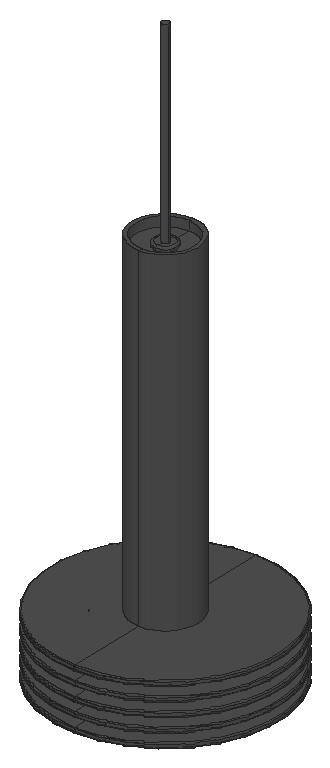
Revit family "Lighting_Pendants_Zero_Sprinkle", category Lighting Fixtures, Revit 2020
Family settings
  Round Connector Dimension = Use Diameter
  Part Type = Normal
  OmniClass Number = 23.80.70.00
  OmniClass Title = Lighting
  Work Plane-Based = No
  Always vertical = Yes
  Cut with Voids When Loaded = No
  Light Source = Yes
  Shared = No
  Room Calculation Point = No
Parameters (values of type "Sprinkle - Black 4,9W/GU10/355LM")
  Wattage = 7.97036 W
  WarrantyStartDate [instance] = "n/a"
  WarrantyGuarantorParts = "n/a"
  WarrantyGuarantorLabor = "n/a"
  WarrantyDurationUnit = "n/a"
  WarrantyDurationParts = "n/a"
  WarrantyDurationLabor = "n/a"
  WarrantyDescription = "n/a"
  built-in parameter 1150110 = 1 (stored number, unit not read)
  VersionDate = "31/08/2023"  # constant formula
  Version = "2"  # constant formula
  Uniclass2015Reference = "Pr_70_70_48_46"
  Uniclass2015Description = "Light-emitting diode (LED) luminaires"
  Uniclass2 = "Pr_70_70_49_43"
  URL = "https://www.zerolighting.com/pendants#/sprinkle-inompe"
  TotalWattage = 4.9 W
  built-in parameter 1114217 = 1 (stored number, unit not read)
  Tilt Angle = 90.00°
  built-in parameter 1150109 = 1 (stored number, unit not read)
  built-in parameter 1150134 = (empty or 0)
  TagNumber [instance] = "n/a"
  SustainabilityPerformance = "n/a"
  built-in parameter 1150113 = 1 (stored number, unit not read)
  Size = "120x120x540 mm"
  Shape = "Sculptured"
  SerialNumber [instance] = "n/a"
  Revision = "1"  # constant formula
  ReplacementCost = "n/a"
  ProductInformation = "n/a"
  ProductDatasheet = "https://www.zerolighting.com/s/Sprinkle-pendel-6333.pdf"
  Photometric Web File = "Sprinkle-123001-4,9W.IES"
  NumberOfSources = 0
  NumberOfPoles = 1
  NominalWidth = 120 mm
  NominalVoltageCalc = 230 V
  NominalVoltage = 230 V
  NominalLength = 120 mm
  NominalHeight = 540 mm
  NominalFrequencyRange = 50 Hz
  Name = "Zero_Sprinkle"
  NBSReference = "90-60-50/405"
  NBSDescription = "General purpose luminaires"
  ModelReference = "n/a"
  ModelNumber = "12300106"
  Model = "Sprinkle Pendant"
  Material = "Aluminium&Steel"
  ManufacturersSpecificInformation = "n/a"
  ManufacturerURL = "https://www.zerolighting.com/"
  ManufacturerName = "Zero"
  Manufacturer = "Zero"
  Lumens = 355 lm
  built-in parameter 1150115 = 1 (stored number, unit not read)
  built-in parameter 1150105 = 497.57 (stored number, unit not read)
  LightFixturePlacingType = "Ceilling"
  LightFixtureMountingType = "Suspended"
  LightFixtureMainMaterial = Black RAL 9005
  built-in parameter 1150137 = (empty or 0)
  built-in parameter 1150139 = (empty or 0)
  LensMaterial = Mat Acrylic
  built-in parameter 1150112 = 1 (stored number, unit not read)
  built-in parameter 1150114 = 1 (stored number, unit not read)
  InsulationStandardClass = "n/a"
  InstallationDate [instance] = "n/a"
  built-in parameter 1150132 = 2
  built-in parameter 1150102 = (empty or 0)
  built-in parameter 1150138 = (empty or 0)
  built-in parameter 1150107 = 3000 (stored number, unit not read)
  built-in parameter 1150106 = 4.9757 (stored number, unit not read)
  IfcExportType = "NOTDEFINED"  # constant formula
  IfcExportAs = "IfcLightFixtureType"  # constant formula
  IP_Code = "IP 20"
  HasProtectiveEarth = no
  Grade = "n/a"
  Finish = "Aluminum and steel. Painted oysterwhite RAL 1013, black RAL 9005, blue RAL 2806035, red RAL 1013, ochre yellow RAL 1024, brown RAL 070420.\r\nOther colours on request. Textile cord in matching colour."
  Features = "LED info: Including dimmable Led lightsource 4,9W,6,2W/GU10 CRI 90."  # constant formula
  ExpectedLife = "n/a"
  built-in parameter 1150129 = 120 mm
  Emit Shape Visible in Rendering = no
  ElectricalDeviceNominalPower = 4.9
  built-in parameter 1150104 = 4.1379 (stored number, unit not read)
  DurationUnit = "Hours"
  Dimming Lamp Color Temperature Shift = <None>
  Designer = "Note Design Studio 2022"
  DefaultElevation = 0 mm
  Default Elevation = 0 mm
  Constituents = "n/a"
  Color Filter = 16777215
  Color = "Various"
  Collection = "Sprinkle"
  CodePerformance = "n/a"
  Category = "Luminaires"
  CableLengthControl [instance] = if(CableLength < 100 mm, 100 mm, if(CableLength > 2500 mm, 2500 mm, CableLength))  # 100 mm
  CableLength [instance] = 100 mm
  Brand = "Zero"
  Barcode [instance] = "n/a"
  built-in parameter 1114218 = 1 (stored number, unit not read)
  BIMObjectName = "Lighting_Pendants_Zero_Sprinkle"  # constant formula
  Author = "BIMStone"  # constant formula
  Emit from Circle Diameter = 3048 mm
  AssetType = "Fixed"
  AssetIdentifier [instance] = "n/a"
  Article Number = ModelNumber  # "12300106"
  AccessibilityPerformance = "n/a"
Types (7, lengths in mm): name | ModelNumber | LightFixtureMainMaterial | Article Number
  (no name) | "12300106" | Black RAL 9005 | "12300106"
  Sprinkle - Oyster white Max 7W/GU10 | "12300109" | Oyster white RAL 1013 | "12300109"
  Sprinkle - Black 4,9W/GU10/355LM | "12300106" | Black RAL 9005 | "12300106"
  Sprinkle - Red 4,9W/GU10/355LM | "12300107" | Red RAL 3000 | "12300107"
  Sprinkle - Blue 4,9W/GU10/355LM | "12300108" | Blue RAL 2806035 | "12300108"
  Sprinkle - Brown 4,9W/GU10/355LM | "12300145" | Brown RAL 070420 | "12300145"
  Sprinkle - Ochre yellow 4,9W/GU10/355LM | "12300155" | Ochre yellow RAL 1024 | "12300155"
Reference planes
  plane 1 "Light Source Axis (F/B)": y = 0
  plane 2: z = 0
  plane 3 "Light Source Axis (L/R)": x = 0
  plane 4 "Light Source Elevation": z = 0
  plane 5: x = -60
  plane 6: x = 60
  plane 7: y = 60
  plane 8: y = -60
  plane 9: z = 209.4
Dimensions and locks
  equal spacing: plane 5, plane 3 "Light Source Axis (L/R)", plane 6
  "NominalWidth": plane 5 to plane 6
  equal spacing: plane 7, plane 1 "Light Source Axis (F/B)", plane 8
  "NominalLength": plane 7 to plane 8
  aligned and locked: plane 3 "Light Source Axis (L/R)" to imposter light
  aligned and locked: plane 1 "Light Source Axis (F/B)" to imposter light
  aligned and locked: plane 4 "Light Source Elevation" to imposter light
  aligned and locked: level to plane 2
  aligned and locked: plane 3 "Light Source Axis (L/R)" to nested 1
Nested families
  nested 1: "Sprinkle" at (0, 0, 0), Body <- "LightFixtureMainMaterial", Glass <- "LensMaterial", CableLenghtControl <- "CableLengthControl", Cable <- "LightFixtureMainMaterial", type "Sprinkle"
    with Glass Mat Acrylic, CableLenghtControl 100 mm, Cable Black RAL 9005, Body Black RAL 9005
Connectors
  electrical at (0, 0, 209.4), driven by "NominalVoltage"
    settings: on plane 9, index 1, voltage 230 V, apparent load 0 VA, apparent load phase1 0 VA, apparent load phase2 0 VA, apparent load phase3 0 VA, power factor 1, load classification "Other", number of poles 1, system type 31, power factor state 1, is connector primary yes, connector utility no, sub classification motor no, connector description ""
Definition of nested family "Sprinkle"
  Parameters (values of type "Sprinkle")
    Glass [instance] = none
    Default Elevation = 0 mm
    CableLenghtControl [instance] = 250 mm
    Cable [instance] = none
    Body [instance] = none
  Reference planes
    plane 1 "Center (Front/Back)": y = 0
    plane 2: z = 0
    plane 3 "Center (Left/Right)": x = 0
    plane 4: y = 60
    plane 5: y = -60
    plane 6: x = -60
    plane 7: x = 60
    plane 8: z = 209.4
  Forms (mm)
    Extrusion 1, solid, material <- "Body", detail levels coarse
      sketch origin (0, 0, 0) x (1, 0, 0) y (0, 1, 0)
        loop
          line (-60, 60) -> (-60, -60) -> (60, -60) -> (60, 60) -> (-60, 60)
      from 0 to 209.4
    Extrusion 2, solid, material <- "Cable"
      sketch origin (-351, -1524, 209.4) x (-1, 0, 0) y (0, -1, 0)
        loop
          circle (-351, -1524) r 2
      from -5 to 250 <- "CableLenghtControl"
    Revolve 3, solid, material <- "Glass", detail levels medium+fine
      sketch origin (0, 0, 0) x (0, 1, 0) y (0, 0, 1)
        loop
          line (32.624, 2.5) -> (32.624, 29.4) -> (31.824, 29.4) -> (31.824, 2.5) -> (32.624, 2.5)
        axis (0, 29.4) -> (0, 2.5)
      angle from 0 to 360
    Revolve 4, solid, material <- "Body", detail levels medium+fine
      sketch origin (0, 0, 0) x (0, 1, 0) y (0, 0, 1)
        loop
          line (5, 206.4) -> (0, 206.4) -> (0, 200.4) -> (5, 200.4) -> (5, 204.4) -> (6, 204.4) -> (6, 205.4)
          arc (6, 205.4) -> (5.707, 206.107) -> (5, 206.4) r 1
        axis (0, 200.4) -> (0, 206.4)
      angle from 0 to 360
    Revolve 5, solid, material <- "Body", detail levels medium+fine
      sketch origin (0, 0, 0) x (0, 1, 0) y (0, 0, 1)
        loop
          line (17.5, 209.4) -> (15.5, 209.4) -> (15.5, 204.4) -> (0, 204.4) -> (0, 202.9) -> (15.981, 202.9) -> (15.981, 31.9) -> (17.5, 31.9) -> (17.5, 209.4)
        axis (0, 31.9) -> (0, 209.4)
      angle from 0 to 360
    Revolve 6, solid, material <- "Glass", detail levels medium+fine
      sketch origin (0, 0, 0) x (0, 1, 0) y (0, 0, 1)
        loop
          line (25, 8.439) -> (25, 9.439)
          arc (25, 9.439) -> (24.854, 9.792) -> (24.5, 9.939) r 0.5
          line (24.5, 9.939) -> (23, 9.939) -> (21.487, 18.727)
          arc (21.487, 18.727) -> (17.676, 26.914) -> (12, 33.939) r 37.133
          line (12, 33.939) -> (10, 53.939) -> (2.5, 53.939) -> (2.5, 59.939) -> (0, 59.939) -> (0, 7.939) -> (24.5, 7.939)
          arc (24.5, 7.939) -> (24.854, 8.085) -> (25, 8.439) r 0.5
        axis (0, 59.939) -> (0, 7.939)
      angle from 0 to 360
    Extrusion 7, solid, material <- "Body", detail levels medium+fine
      sketch origin (0, 0, 0) x (1, 0, 0) y (0, 1, 0)
        loop
          circle (-34.5, 0) r 2.75
        loop
          circle (17.25, 29.878) r 2.75
        loop
          circle (17.25, -29.878) r 2.75
      from 2.5 to 29.4
    Revolve 8, solid, material <- "Body", detail levels medium+fine
      sketch origin (0, 0, 0) x (0, 1, 0) y (0, 0, 1)
        loop
          arc (60, 2) -> (59.854, 2.354) -> (59.5, 2.5) r 0.5
          line (59.5, 2.5) -> (27, 2.5) -> (27, 0) -> (59.5, 0)
          arc (59.5, 0) -> (59.854, 0.146) -> (60, 0.5) r 0.5
          line (60, 0.5) -> (60, 2)
        loop
          arc (60, 9.35) -> (59.854, 9.704) -> (59.5, 9.85) r 0.5
          line (59.5, 9.85) -> (32.624, 9.85) -> (32.624, 7.35) -> (59.5, 7.35)
          arc (59.5, 7.35) -> (59.854, 7.496) -> (60, 7.85) r 0.5
          line (60, 7.85) -> (60, 9.35)
        loop
          arc (60, 16.7) -> (59.854, 17.054) -> (59.5, 17.2) r 0.5
          line (59.5, 17.2) -> (32.624, 17.2) -> (32.624, 14.7) -> (59.5, 14.7)
          arc (59.5, 14.7) -> (59.854, 14.846) -> (60, 15.2) r 0.5
          line (60, 15.2) -> (60, 16.7)
        loop
          arc (60, 24.053) -> (59.854, 24.406) -> (59.5, 24.553) r 0.5
          line (59.5, 24.553) -> (32.624, 24.553) -> (32.624, 22.053) -> (59.5, 22.053)
          arc (59.5, 22.053) -> (59.854, 22.199) -> (60, 22.553) r 0.5
          line (60, 22.553) -> (60, 24.053)
        loop
          arc (60, 31.4) -> (59.854, 31.754) -> (59.5, 31.9) r 0.5
          line (59.5, 31.9) -> (15.981, 31.9) -> (15.981, 29.4) -> (59.5, 29.4)
          arc (59.5, 29.4) -> (59.854, 29.546) -> (60, 29.9) r 0.5
          line (60, 29.9) -> (60, 31.4)
        axis (0, 31.9) -> (0, 0)
      angle from 0 to 360
  Cuts and joins
    joined: Revolve 5, Extrusion 7, Revolve 8
  Lines and regions (mm)
    symbolic lines, detail levels medium+fine
      curve 1: circle (0, 0, 0) r 60 normal (0, 0, 1)
      curve 8: arc (0, 59.5, 29.4) -> (0, 59.854, 29.546) -> (0, 60, 29.9) r 0.5
      curve 9: line (0, 60, 29.9) -> (0, 60, 31.4)
      curve 10: arc (0, 60, 31.4) -> (0, 59.854, 31.754) -> (0, 59.5, 31.9) r 0.5
      curve 11: line (0, 59.5, 31.9) -> (0, 17.5, 31.9)
      curve 12: line (0, 0, 0) -> (0, 59.5, 0)
      curve 13: arc (0, 59.5, 0) -> (0, 59.854, 0.146) -> (0, 60, 0.5) r 0.5
      curve 14: line (0, 60, 0.5) -> (0, 60, 2)
      curve 15: arc (0, 60, 2) -> (0, 59.854, 2.354) -> (0, 59.5, 2.5) r 0.5
      curve 16: line (0, 59.5, 2.5) -> (0, 32.624, 2.5)
      curve 17: line (0, 32.624, 2.5) -> (0, 32.624, 7.35)
      curve 18: line (0, 32.624, 7.35) -> (0, 59.5, 7.35)
      curve 19: arc (0, 59.5, 7.35) -> (0, 59.854, 7.496) -> (0, 60, 7.85) r 0.5
      curve 20: line (0, 60, 7.85) -> (0, 60, 9.35)
      curve 21: arc (0, 60, 9.35) -> (0, 59.854, 9.704) -> (0, 59.5, 9.85) r 0.5
      curve 22: line (0, 59.5, 9.85) -> (0, 32.624, 9.85)
      curve 23: line (0, 32.624, 9.85) -> (0, 32.624, 14.7)
      curve 24: line (0, 32.624, 14.7) -> (0, 59.5, 14.7)
      curve 25: arc (0, 59.5, 14.7) -> (0, 59.854, 14.846) -> (0, 60, 15.2) r 0.5
      curve 26: line (0, 60, 15.2) -> (0, 60, 16.7)
      curve 27: arc (0, 60, 16.7) -> (0, 59.854, 17.054) -> (0, 59.5, 17.2) r 0.5
      curve 28: line (0, 59.5, 17.2) -> (0, 32.624, 17.2)
      curve 29: line (0, 32.624, 17.2) -> (0, 32.624, 22.053)
      curve 30: line (0, 32.624, 22.053) -> (0, 59.5, 22.053)
      curve 31: arc (0, 59.5, 22.053) -> (0, 59.854, 22.199) -> (0, 60, 22.553) r 0.5
      curve 32: line (0, 60, 22.553) -> (0, 60, 24.053)
      curve 33: arc (0, 60, 24.053) -> (0, 59.854, 24.406) -> (0, 59.5, 24.553) r 0.5
      curve 34: line (0, 59.5, 24.553) -> (0, 32.624, 24.553)
      curve 35: line (0, 32.624, 24.553) -> (0, 32.624, 29.4)
      curve 36: line (0, 32.624, 29.4) -> (0, 59.5, 29.4)
      curve 37: line (0, 17.5, 31.9) -> (0, 17.5, 209.4)
      curve 38: line (0, 17.5, 209.4) -> (0, 0, 209.4)
      curve 40: arc (0, -59.5, 29.4) -> (0, -59.854, 29.546) -> (0, -60, 29.9) r 0.5
      curve 41: line (0, -60, 29.9) -> (0, -60, 31.4)
      curve 42: arc (0, -60, 31.4) -> (0, -59.854, 31.754) -> (0, -59.5, 31.9) r 0.5
      curve 43: line (0, -59.5, 31.9) -> (0, -17.5, 31.9)
      curve 44: line (0, 0, 0) -> (0, -59.5, 0)
      curve 45: arc (0, -59.5, 0) -> (0, -59.854, 0.146) -> (0, -60, 0.5) r 0.5
      curve 46: line (0, -60, 0.5) -> (0, -60, 2)
      curve 47: arc (0, -60, 2) -> (0, -59.854, 2.354) -> (0, -59.5, 2.5) r 0.5
      curve 48: line (0, -59.5, 2.5) -> (0, -32.624, 2.5)
      curve 49: line (0, -32.624, 2.5) -> (0, -32.624, 7.35)
      curve 50: line (0, -32.624, 7.35) -> (0, -59.5, 7.35)
      curve 51: arc (0, -59.5, 7.35) -> (0, -59.854, 7.496) -> (0, -60, 7.85) r 0.5
      curve 52: line (0, -60, 7.85) -> (0, -60, 9.35)
      curve 53: arc (0, -60, 9.35) -> (0, -59.854, 9.704) -> (0, -59.5, 9.85) r 0.5
      curve 54: line (0, -59.5, 9.85) -> (0, -32.624, 9.85)
      curve 55: line (0, -32.624, 9.85) -> (0, -32.624, 14.7)
      curve 56: line (0, -32.624, 14.7) -> (0, -59.5, 14.7)
      curve 57: arc (0, -59.5, 14.7) -> (0, -59.854, 14.846) -> (0, -60, 15.2) r 0.5
      curve 58: line (0, -60, 15.2) -> (0, -60, 16.7)
      curve 59: arc (0, -60, 16.7) -> (0, -59.854, 17.054) -> (0, -59.5, 17.2) r 0.5
      curve 60: line (0, -59.5, 17.2) -> (0, -32.624, 17.2)
      curve 61: line (0, -32.624, 17.2) -> (0, -32.624, 22.053)
      curve 62: line (0, -32.624, 22.053) -> (0, -59.5, 22.053)
      curve 63: arc (0, -59.5, 22.053) -> (0, -59.854, 22.199) -> (0, -60, 22.553) r 0.5
      curve 64: line (0, -60, 22.553) -> (0, -60, 24.053)
      curve 65: arc (0, -60, 24.053) -> (0, -59.854, 24.406) -> (0, -59.5, 24.553) r 0.5
      curve 66: line (0, -59.5, 24.553) -> (0, -32.624, 24.553)
      curve 67: line (0, -32.624, 24.553) -> (0, -32.624, 29.4)
      curve 68: line (0, -32.624, 29.4) -> (0, -59.5, 29.4)
      curve 69: line (0, -17.5, 31.9) -> (0, -17.5, 209.4)
      curve 70: line (0, -17.5, 209.4) -> (0, 0, 209.4)
      curve 89: arc (-59.5, 0, 31.9) -> (-59.854, 0, 31.754) -> (-60, 0, 31.4) r 0.5
      curve 90: line (-60, 0, 31.4) -> (-60, 0, 29.9)
      curve 91: arc (-60, 0, 29.9) -> (-59.854, 0, 29.546) -> (-59.5, 0, 29.4) r 0.5
      curve 92: line (-59.5, 0, 29.4) -> (-37.25, 0, 29.4)
      curve 93: line (-37.25, 0, 24.553) -> (-59.5, 0, 24.553)
      curve 94: arc (-59.5, 0, 24.553) -> (-59.854, 0, 24.406) -> (-60, 0, 24.053) r 0.5
      curve 95: line (-60, 0, 24.053) -> (-60, 0, 22.553)
      curve 96: arc (-60, 0, 22.553) -> (-59.854, 0, 22.199) -> (-59.5, 0, 22.053) r 0.5
      curve 97: line (-59.5, 0, 22.053) -> (-37.25, 0, 22.053)
      curve 98: line (-37.25, 0, 17.2) -> (-59.5, 0, 17.2)
      curve 99: arc (-59.5, 0, 17.2) -> (-59.854, 0, 17.054) -> (-60, 0, 16.7) r 0.5
      curve 100: line (-60, 0, 16.7) -> (-60, 0, 15.2)
      curve 101: arc (-60, 0, 15.2) -> (-59.854, 0, 14.846) -> (-59.5, 0, 14.7) r 0.5
      curve 102: line (-59.5, 0, 14.7) -> (-37.25, 0, 14.7)
      curve 103: line (-37.25, 0, 9.85) -> (-59.5, 0, 9.85)
      curve 104: arc (-59.5, 0, 9.85) -> (-59.854, 0, 9.704) -> (-60, 0, 9.35) r 0.5
      curve 105: line (-60, 0, 9.35) -> (-60, 0, 7.85)
      curve 106: arc (-60, 0, 7.85) -> (-59.854, 0, 7.496) -> (-59.5, 0, 7.35) r 0.5
      curve 107: line (-59.5, 0, 7.35) -> (-37.25, 0, 7.35)
      curve 108: line (-37.25, 0, 2.5) -> (-59.5, 0, 2.5)
      curve 109: arc (-59.5, 0, 2.5) -> (-59.854, 0, 2.354) -> (-60, 0, 2) r 0.5
      curve 110: line (-60, 0, 2) -> (-60, 0, 0.5)
      curve 111: arc (-60, 0, 0.5) -> (-59.854, 0, 0.146) -> (-59.5, 0, 0) r 0.5
      curve 112: line (-59.5, 0, 0) -> (0, 0, 0)
      curve 113: line (-17.5, 0, 209.4) -> (-17.5, 0, 31.9)
      curve 114: line (0, 0, 209.4) -> (-17.5, 0, 209.4)
      curve 124: arc (59.5, 0, 31.9) -> (59.854, 0, 31.754) -> (60, 0, 31.4) r 0.5
      curve 125: line (60, 0, 31.4) -> (60, 0, 29.9)
      curve 126: arc (60, 0, 29.9) -> (59.854, 0, 29.546) -> (59.5, 0, 29.4) r 0.5
      curve 127: line (59.5, 0, 29.4) -> (32.624, 0, 29.4)
      curve 128: line (32.624, 0, 29.4) -> (32.624, 0, 24.553)
      curve 129: line (32.624, 0, 24.553) -> (59.5, 0, 24.553)
      curve 130: arc (59.5, 0, 24.553) -> (59.854, 0, 24.406) -> (60, 0, 24.053) r 0.5
      curve 131: line (60, 0, 24.053) -> (60, 0, 22.553)
      curve 132: arc (60, 0, 22.553) -> (59.854, 0, 22.199) -> (59.5, 0, 22.053) r 0.5
      curve 133: line (59.5, 0, 22.053) -> (32.624, 0, 22.053)
      curve 134: line (32.624, 0, 22.053) -> (32.624, 0, 17.2)
      curve 135: line (32.624, 0, 17.2) -> (59.5, 0, 17.2)
      curve 136: arc (59.5, 0, 17.2) -> (59.854, 0, 17.054) -> (60, 0, 16.7) r 0.5
      curve 137: line (60, 0, 16.7) -> (60, 0, 15.2)
      curve 138: arc (60, 0, 15.2) -> (59.854, 0, 14.846) -> (59.5, 0, 14.7) r 0.5
      curve 139: line (59.5, 0, 14.7) -> (32.624, 0, 14.7)
      curve 140: line (32.624, 0, 14.7) -> (32.624, 0, 9.85)
      curve 141: line (32.624, 0, 9.85) -> (59.5, 0, 9.85)
      curve 142: arc (59.5, 0, 9.85) -> (59.854, 0, 9.704) -> (60, 0, 9.35) r 0.5
      curve 143: line (60, 0, 9.35) -> (60, 0, 7.85)
      curve 144: arc (60, 0, 7.85) -> (59.854, 0, 7.496) -> (59.5, 0, 7.35) r 0.5
      curve 145: line (59.5, 0, 7.35) -> (32.624, 0, 7.35)
      curve 146: line (32.624, 0, 7.35) -> (32.624, 0, 2.5)
      curve 147: line (32.624, 0, 2.5) -> (59.5, 0, 2.5)
      curve 148: arc (59.5, 0, 2.5) -> (59.854, 0, 2.354) -> (60, 0, 2) r 0.5
      curve 149: line (60, 0, 2) -> (60, 0, 0.5)
      curve 150: arc (60, 0, 0.5) -> (59.854, 0, 0.146) -> (59.5, 0, 0) r 0.5
      curve 151: line (59.5, 0, 0) -> (0, 0, 0)
      curve 153: line (17.5, 0, 209.4) -> (17.5, 0, 31.9)
      curve 154: line (0, 0, 209.4) -> (17.5, 0, 209.4)
      curve 175: line (-37.25, 0, 29.4) -> (-37.25, 0, 24.553)
      curve 176: line (-37.25, 0, 22.053) -> (-37.25, 0, 17.2)
      curve 177: line (-37.25, 0, 14.7) -> (-37.25, 0, 9.85)
      curve 178: line (-37.25, 0, 7.35) -> (-37.25, 0, 2.5)
      curve 179: line (-17.5, 0, 31.9) -> (-59.5, 0, 31.9)
      curve 180: line (17.5, 0, 31.9) -> (59.5, 0, 31.9)
    symbolic lines
      curve 2: line (0, 2, 459.4) -> (0, -2, 459.4)
      curve 3: line (0, 2, 459.4) -> (0, 2, 209.4)
      curve 4: line (0, -2, 459.4) -> (0, -2, 209.4)
      curve 5: line (2, 0, 459.4) -> (-2, 0, 459.4)
      curve 6: line (-2, 0, 459.4) -> (-2, 0, 209.4)
      curve 7: line (2, 0, 459.4) -> (2, 0, 209.4)
    symbolic lines, detail levels fine
      curve 39: line (0, 17.5, 31.9) -> (0, 0, 31.9)
      curve 71: line (0, -17.5, 31.9) -> (0, 0, 31.9)
      curve 72: line (0, 32.624, 29.4) -> (0, -32.624, 29.4)
      curve 73: line (0, -32.624, 24.553) -> (0, 32.624, 24.553)
      curve 74: line (0, 32.624, 22.053) -> (0, -32.624, 22.053)
      curve 75: line (0, -32.624, 17.2) -> (0, 32.624, 17.2)
      curve 76: line (0, 32.624, 14.7) -> (0, -32.624, 14.7)
      curve 77: line (0, -32.624, 9.85) -> (0, 32.624, 9.85)
      curve 78: line (0, 32.624, 7.35) -> (0, -32.624, 7.35)
      curve 79: line (0, -32.624, 2.5) -> (0, 32.624, 2.5)
      curve 80: line (0, 2.75, 24.553) -> (0, 2.75, 29.4)
      curve 81: line (0, -2.75, 29.4) -> (0, -2.75, 24.553)
      curve 82: line (0, 2.75, 17.2) -> (0, 2.75, 22.053)
      curve 83: line (0, -2.75, 22.053) -> (0, -2.75, 17.2)
      curve 84: line (0, 2.75, 9.85) -> (0, 2.75, 14.7)
      curve 85: line (0, -2.75, 14.7) -> (0, -2.75, 9.85)
      curve 86: line (0, 2.75, 2.5) -> (0, 2.75, 7.35)
      curve 87: line (0, -2.75, 7.35) -> (0, -2.75, 2.5)
      curve 88: line (0, 0, 31.9) -> (-17.5, 0, 31.9)
      curve 115: line (-37.25, 0, 29.4) -> (0, 0, 29.4)
      curve 116: line (-37.25, 0, 24.553) -> (0, 0, 24.553)
      curve 117: line (-37.25, 0, 22.053) -> (0, 0, 22.053)
      curve 118: line (-37.25, 0, 17.2) -> (0, 0, 17.2)
      curve 119: line (-37.25, 0, 14.7) -> (0, 0, 14.7)
      curve 120: line (-37.25, 0, 9.85) -> (0, 0, 9.85)
      curve 121: line (-37.25, 0, 7.35) -> (0, 0, 7.35)
      curve 122: line (-37.25, 0, 2.5) -> (0, 0, 2.5)
      curve 123: line (0, 0, 31.9) -> (17.5, 0, 31.9)
      curve 152: line (0, 0, 29.4) -> (0, 0, 31.9)
      curve 155: line (32.624, 0, 29.4) -> (0, 0, 29.4)
      curve 156: line (32.624, 0, 24.553) -> (0, 0, 24.553)
      curve 157: line (32.624, 0, 22.053) -> (0, 0, 22.053)
      curve 158: line (32.624, 0, 17.2) -> (0, 0, 17.2)
      curve 159: line (32.624, 0, 14.7) -> (0, 0, 14.7)
      curve 160: line (32.624, 0, 9.85) -> (0, 0, 9.85)
      curve 161: line (32.624, 0, 7.35) -> (0, 0, 7.35)
      curve 162: line (32.624, 0, 2.5) -> (0, 0, 2.5)
      curve 163: line (20, 0, 29.4) -> (20, 0, 24.553)
      curve 164: line (20, 0, 22.053) -> (20, 0, 17.2)
      curve 165: line (20, 0, 14.7) -> (20, 0, 9.85)
      curve 166: line (20, 0, 7.35) -> (20, 0, 2.5)
      curve 167: line (14.5, 0, 29.4) -> (14.5, 0, 24.553)
      curve 168: line (14.5, 0, 22.053) -> (14.5, 0, 17.2)
      curve 169: line (14.5, 0, 14.7) -> (14.5, 0, 9.85)
      curve 170: line (14.5, 0, 7.35) -> (14.5, 0, 2.5)
      curve 171: line (-31.75, 0, 29.4) -> (-31.75, 0, 24.553)
      curve 172: line (-31.75, 0, 22.053) -> (-31.75, 0, 17.2)
      curve 173: line (-31.75, 0, 14.7) -> (-31.75, 0, 9.85)
      curve 174: line (-31.75, 0, 7.35) -> (-31.75, 0, 2.5)
  Dimensions and locks
    aligned and locked: level to plane 2
    aligned and locked: curve 2 to Extrusion 2
    aligned and locked: curve 5 to Extrusion 2
